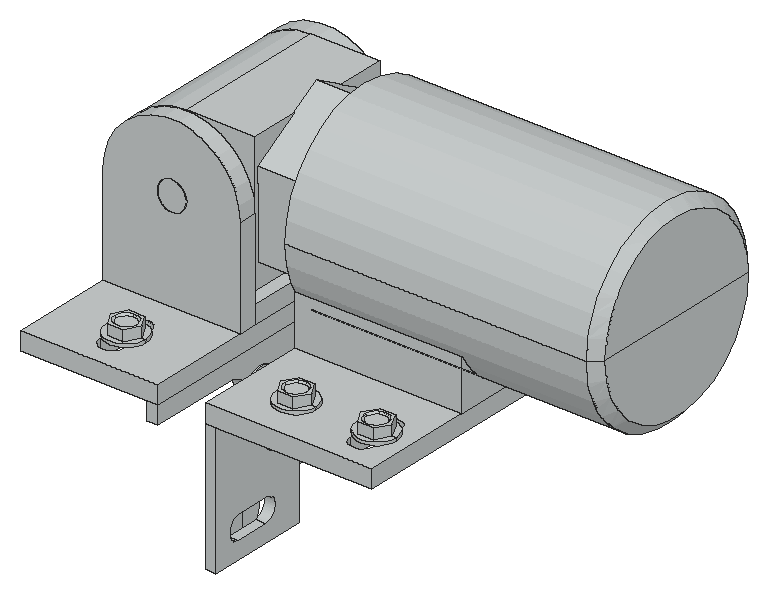
Revit family "Hinge_74108325T_SureClose-ReadyFit_DD-Technologies", category Specialty Equipment, host Face, Revit 2026
Family settings
  Host = Face
  Round Connector Dimension = Use Diameter
  Part Type = Normal
  Enable Cutting in Views = No
  Cut with Voids When Loaded = No
  Maintain Annotation Orientation = No
  Shared = No
  Room Calculation Point = No
Parameters (values of type "74108325T - SureClose® ReadyFit 108 with Safety Feature")
  Vertical Adjustment = "Yes, through fastener slots"
  URL = "https://ddtech.com/"
  Type = "Externally Mounted, Hydraulic Self-Closing Hinge-Closer"
  Specification = "https://us.ddtech.com/collections/hinge-closer/products/sureclose-readyfit-for-safety-gates"
  Self-Closing Angle (Approx.) = "88° - 0°"
  Product Webpage with product image = "https://us.ddtech.com/collections/hinge-closer/products/sureclose-readyfit-for-safety-gates"
  Product Name = "SureClose® ReadyFit 108 with Safety Feature"
  Model = "74108325T"
  Minimum Post Width = 0' - 1 31/32"
  Maximal Self-Closing Gate Weight*  (per pair of hinge) = "Up to 260 lb (120 kg) for 74108325T + 74108325T"
  Max. Opening Angle (Approx.) (Set In Range 0 - 88°) = 0.00°
  Max. Opening Angle (Approx.) (Constrained to 0 - 88 degrees) = if([Max. Opening Angle (Approx.) (Set In Range 0 - 88°)] < 0.00°, 0.00°, if([Max. Opening Angle (Approx.) (Set In Range 0 - 88°)] > 88.00°, 88.00°, [Max. Opening Angle (Approx.) (Set In Range 0 - 88°)]))  # 0.00°
  Manufacturer = "D&D Technologies"  # constant formula
  Latching Speed = "Yes (12°- 0°) And Adjustable"
  Keynote = "32 31 00 Fence & Gates"
  Horizontal Gap Adjustment (Variance) = "1/2\" - 1 3/8\" ( 12 -35mm)"
  Hold-Open = "No"
  Hinge Material = Steel Mounting Brackets (Passivated Zinc Coating), Aluminum Hinge Body
  Gate Material = Aluminum, Steel/Ornamental Iron
  Gate Hardware = "Hinge-Closers"
  Description = "Externally mounted, hydraulic self-closing hinge-closer, with safety (SF) feature, steel bracket, ADA suitable"
  Default Elevation = 0' - 0"
  Copyright = "Copyright© D&D Technologies Pty Ltd, part of ASSA ABLOY"  # constant formula
  Colors = "Black"
  Closing Speed = "Yes (88°- 0°) And Adjustable"
  Catalog Page = "https://us.ddtech.com/pages/digital-catalog"
  Assembly Code = "G2060.20 Fences and Gates"
  Accessibility = "Suitable for ADA applications"
Reference planes (in)
  plane 1 "Center (Front/Back)": y = 0
  plane 2: z = 0
  plane 3 "Center (Left/Right)": x = 0
  plane 4: z = 1.27802
  plane 5: x = -1.37992
Forms (in)
  Extrusion 1, solid, material "Steel Mounting Brackets (Passivated Zinc Coating), Aluminum Hinge Body" <- "Hinge Material"
    sketch origin (2.64444, 0, 1.27723) x (1, 0, 0) y (0, 1, 0)
      loop
        line (-2.76255, 2.16535) -> (-2.76255, -2.16535) -> (-0.95153, -2.16535) -> (-0.95153, 2.16535) -> (-2.76255, 2.16535)
      loop
        arc (-1.17692, 1.86024) -> (-1.30487, 1.98819) -> (-1.43282, 1.86024) r 0.12795
        line (-1.43282, 1.86024) -> (-1.43282, 1.48622)
        arc (-1.43282, 1.48622) -> (-1.30487, 1.35827) -> (-1.17692, 1.48622) r 0.12795
        line (-1.17692, 1.48622) -> (-1.17692, 1.86024)
      loop
        arc (-1.17692, -1.48622) -> (-1.30487, -1.35827) -> (-1.43282, -1.48622) r 0.12795
        line (-1.43282, -1.48622) -> (-1.43282, -1.86024)
        arc (-1.43282, -1.86024) -> (-1.30487, -1.98819) -> (-1.17692, -1.86024) r 0.12795
        line (-1.17692, -1.86024) -> (-1.17692, -1.48622)
      loop
        circle (-2.17097, 1.67323) r 0.12795
      loop
        circle (-2.17097, -1.67323) r 0.12795
    from -1.27723 to -1.08038
  Extrusion 2, solid, material "Steel Mounting Brackets (Passivated Zinc Coating), Aluminum Hinge Body" <- "Hinge Material"
    sketch origin (-0.63189, 0, 0.52928) x (0, 0, 1) y (0, -1, 0)
      loop
        line (-0.33243, -0.94496) -> (0.21534, -0.94496)
        arc (0.21534, -0.94496) -> (-0.33677, 0) -> (0.21534, 0.94496) r 1.08472
        line (0.21534, 0.94496) -> (-0.33243, 0.94496) -> (-0.33243, -0.94496)
    from 0.51378 to 2.3248
  Extrusion 3, solid, material "Steel Mounting Brackets (Passivated Zinc Coating), Aluminum Hinge Body" <- "Hinge Material"
    sketch origin (-0.63189, 0, 0.52928) x (0, 0, 1) y (0, -1, 0)
      loop
        line (1.68631, 0.01638) -> (1.20295, 0.82083) -> (0.26459, 0.80445) -> (-0.1904, -0.01638) -> (0.29296, -0.82083) -> (1.23132, -0.80445) -> (1.68631, 0.01638)
    from 0 to 0.51378
  Extrusion 4, solid, material "Steel Mounting Brackets (Passivated Zinc Coating), Aluminum Hinge Body" <- "Hinge Material"
    sketch origin (3.86294, 0, 1.27723) x (0, -1, 0) y (0, 0, -1)
      loop
        line (2.16535, 1.27723) -> (2.16535, 2.69455) -> (1.04338, 2.69455) -> (1.04338, 1.78657)
        arc (1.04338, 1.78657) -> (0.92807, 1.50818) -> (0.64968, 1.39287) r 0.3937
        line (0.64968, 1.39287) -> (-0.64968, 1.39287)
        arc (-0.64968, 1.39287) -> (-0.92807, 1.50818) -> (-1.04338, 1.78657) r 0.3937
        line (-1.04338, 1.78657) -> (-1.04338, 2.69455) -> (-2.16535, 2.69455) -> (-2.16535, 1.27723) -> (2.16535, 1.27723)
      loop
        line (1.48622, 2.25164) -> (1.86024, 2.25164)
        arc (1.86024, 2.25164) -> (1.98819, 2.37959) -> (1.86024, 2.50754) r 0.12795
        line (1.86024, 2.50754) -> (1.48622, 2.50754)
        arc (1.48622, 2.50754) -> (1.35827, 2.37959) -> (1.48622, 2.25164) r 0.12795
      loop
        circle (-1.37795, 1.7103) r 0.12795
      loop
        circle (1.37795, 1.7103) r 0.12795
      loop
        arc (-1.48622, 2.25164) -> (-1.35827, 2.37959) -> (-1.48622, 2.50754) r 0.12795
        line (-1.48622, 2.50754) -> (-1.86024, 2.50754)
        arc (-1.86024, 2.50754) -> (-1.98819, 2.37959) -> (-1.86024, 2.25164) r 0.12795
        line (-1.86024, 2.25164) -> (-1.48622, 2.25164)
    from -3.98105 to -3.86294
  Extrusion 5, solid, material "Steel Mounting Brackets (Passivated Zinc Coating), Aluminum Hinge Body" <- "Hinge Material"
    sketch origin (-1.37992, 0, 0) x (1, 0, 0) y (0, 0, 1)
      loop
        circle (0, 1.27723) r 0.15748
    from -1.04338 to 1.04338
  Extrusion 6, solid, material "Steel Mounting Brackets (Passivated Zinc Coating), Aluminum Hinge Body" <- "Hinge Material"
    sketch origin (-1.37992, 0, 1.27775) x (1, 0, 0) y (0, 0, 1)
      loop
        line (0.74803, -0.74795) -> (0.74803, 0.74811) -> (0, 0.74811)
        arc (0, 0.74811) -> (-0.74803, 0.00008) -> (0, -0.74795) r 0.74803
        line (0, -0.74795) -> (0.74803, -0.74795)
      loop
        circle (0, 0.00008) r 0.15748
    from -0.84653 to 0.84653
  Revolve 7, solid, material "Steel Mounting Brackets (Passivated Zinc Coating), Aluminum Hinge Body" <- "Hinge Material"
    sketch origin (-1.37992, 0, 1.27723) x (0, -1, 0) y (1, 0, 0)
      loop
        line (-1.08472, 1.26181) -> (0, 1.26181) -> (0, 4.64764) -> (-1.08472, 4.64764) -> (-1.08472, 1.26181)
      axis (0, 4.64764) -> (0, 1.26181)
    angle from 0 to 360
  Sweep 8, void
    path origin (3.26772, 2.29497, 48.00052) x (0, 1, 0) y (0, 0, 1)
      loop
        circle (-2.29497, -46.72329) r 1.08472
    profile origin (3.26772, 0, 2.36195) x (0, 0, -1) y (1, 0, 0)
      loop
        line (0.11168, 0) -> (0, 0) -> (0, -0.11168) -> (0.11168, 0)
Cuts and joins
  Sweep 8 cuts Revolve 7
Lines and regions (in)
  reference lines
    curve 1: line (1.12008, 0, 1.27802) -> (-1.37992, 0, 1.27802)
Dimensions and locks (in)
  "Max. Opening Angle (Approx.) (Constrained to 0 - 88 degrees)": angle curve 1 to plane 4
  aligned and locked: plane 2 to host face
  aligned and locked: level to host face
  aligned and locked: Extrusion 6 to Extrusion 3
Automatic sketch dimensions
  host sketch curve to host sketch curve = 0' - 0.05882"
  host sketch curve to host sketch curve = 0' - 0 19/256"
  Extrusion 1 sketch curve to plane 3 "Center (Left/Right)" = 0' - 0.11811"
  plane 3 "Center (Left/Right)" to Extrusion 1 sketch curve = 0' - 0.47347"  (x2)
  Extrusion 1 sketch curve to Extrusion 1 sketch curve = 0' - 0.73815"  (x2)
  Extrusion 1 sketch curve to Extrusion 1 sketch curve = 0' - 0.12795"  (x2)
  Extrusion 1 sketch curve to Extrusion 1 sketch curve = 0' - 0.22539"
  plane 1 "Center (Front/Back)" to Extrusion 1 sketch curve = 0' - 2.16535"
  Extrusion 1 sketch curve to Extrusion 1 sketch curve = 0' - 0.30512"
  Extrusion 1 sketch curve to Extrusion 1 sketch curve = 0' - 0.18701"  (x2)
  Extrusion 1 sketch curve to Extrusion 1 sketch curve = 0' - 0.37402"  (x2)
  Extrusion 1 sketch curve to plane 1 "Center (Front/Back)" = 0' - 1.48622"
  Extrusion 1 sketch curve to Extrusion 1 sketch curve = 0' - 0.49213"
  Extrusion 2 sketch curve to plane 1 "Center (Front/Back)" = 0' - 0"
  level to Extrusion 2 sketch curve = 0' - 0.19685"
  plane 4 to Extrusion 2 sketch curve = 0' - 0.53341"  (x2)
  plane 4 to Extrusion 2 sketch curve = 0' - 0.00079"
  Extrusion 2 sketch curve to plane 1 "Center (Front/Back)" = 0' - 0.94496"
  Extrusion 3 sketch curve to plane 1 "Center (Front/Back)" = 0' - 0.01638"
  level to Extrusion 3 sketch curve = 0' - 0.33887"
  plane 4 to Extrusion 3 sketch curve = 0' - 0.48416"
  plane 4 to Extrusion 3 sketch curve = 0' - 0.45579"
  Extrusion 3 sketch curve to plane 4 = 0' - 0.4542"
  Extrusion 3 sketch curve to plane 4 = 0' - 0.48257"
  plane 1 "Center (Front/Back)" to Extrusion 3 sketch curve = 0' - 0.01638"
  Extrusion 3 sketch curve to plane 4 = 0' - 0.93756"
  Extrusion 3 sketch curve to plane 1 "Center (Front/Back)" = 0' - 0.80445"
  Extrusion 3 sketch curve to plane 1 "Center (Front/Back)" = 0' - 0.82083"
  plane 1 "Center (Front/Back)" to Extrusion 3 sketch curve = 0' - 0.80445"
  plane 1 "Center (Front/Back)" to Extrusion 3 sketch curve = 0' - 0.82083"
  Extrusion 4 sketch curve to level = 0' - 0"
  Extrusion 4 sketch curve to plane 1 "Center (Front/Back)" = 0' - 2.16535"
  Extrusion 4 sketch curve to Extrusion 4 sketch curve = 0' - 0.30512"
  Extrusion 4 sketch curve to Extrusion 4 sketch curve = 0' - 0.37402"  (x2)
  Extrusion 4 sketch curve to Extrusion 4 sketch curve = 0' - 0.10827"
  Extrusion 4 sketch curve to Extrusion 4 sketch curve = 0' - 0.44284"  (x2)
  Extrusion 4 sketch curve to level = 0' - 0.11564"
  Extrusion 4 sketch curve to Extrusion 4 sketch curve = 0' - 0.3937"  (x2)
  plane 1 "Center (Front/Back)" to Extrusion 4 sketch curve = 0' - 0.64968"
  Extrusion 4 sketch curve to Extrusion 4 sketch curve = 0' - 0.33457"
  Extrusion 4 sketch curve to Extrusion 4 sketch curve = 0' - 0.7874"
  Extrusion 4 sketch curve to Extrusion 4 sketch curve = 0' - 0.07627"  (x2)
  Extrusion 4 sketch curve to Extrusion 4 sketch curve = 0' - 0.54134"  (x2)
  Extrusion 4 sketch curve to Extrusion 4 sketch curve = 0' - 0.12795"  (x2)
  Extrusion 4 sketch curve to Extrusion 4 sketch curve = 0' - 0.18701"  (x2)
  Extrusion 5 sketch curve to Extrusion 5 sketch curve = 0' - 0"  (x2)
  Extrusion 5 sketch curve to plane 5 = 0' - 0"
  plane 4 to Extrusion 5 sketch curve = 0' - 0.00079"
  Extrusion 5 sketch curve to Extrusion 5 sketch curve = 0' - 0.15748"
  Extrusion 6 sketch curve to Extrusion 6 sketch curve = 0' - 0"  (x2)
  Extrusion 6 sketch curve to plane 5 = 0' - 0"
  Extrusion 6 sketch curve to plane 3 "Center (Left/Right)" = 0' - 0.63189"
  level to Extrusion 6 sketch curve = 0' - 0.52979"
  plane 4 to Extrusion 6 sketch curve = 0' - 0.0002"
  plane 1 "Center (Front/Back)" to Revolve 7 sketch curve = 0' - 0"  (x2)
  Revolve 7 sketch curve to Revolve 7 sketch curve = 0' - 1.08472"
  Revolve 7 sketch curve to plane 3 "Center (Left/Right)" = 0' - 0.11811"
  plane 3 "Center (Left/Right)" to Revolve 7 sketch curve = 0' - 3.26772"
  Revolve 7 sketch curve to Revolve 7 sketch curve = 0' - 1.23777"
  Revolve 7 sketch curve to Revolve 7 sketch curve = 0' - 0.88723"
  Sweep 8 sketch curve to plane 1 "Center (Front/Back)" = 0' - 0"
  plane 4 to Sweep 8 sketch curve = 0' - 0.00079"
  Sweep 8 sketch curve to profile plane = 0' - 0"  (x2)
  Sweep 8 sketch curve to profile plane = 0' - 0.11168"
  Sweep 8 sketch curve to Sweep 8 sketch curve = 0' - 0.11168"
  curve 1 to plane 4 = 0' - 0"
  curve 1 to plane 5 = 0' - 0"
  radius of Extrusion 1 sketch curve = 0' - 0.12795"  (x2)
  radius of Extrusion 4 sketch curve = 0' - 0.12795"  (x2)
  radius of Extrusion 6 sketch curve = 0' - 0.15748"
  radius of Sweep 8 sketch curve = 0' - 1.08472"
Nested families (in)
  nested 1: "Screw" at (0.47347, -1.67155, 0.19685), type "Screw"
  nested 2: "Screw" at (0.47347, 1.6749, 0.19685), type "Screw"
  nested 3: "Screw" at (1.33957, -1.66386, 0.19685), type "Screw"
  nested 4: "Screw" at (1.33957, 1.69336, 0.19685), type "Screw"
  nested 5: "Screw" at (-0.11811, -1.37377, -0.43307) x (0, 0, 1) z (-1, 0, 0), type "Screw"
  nested 6: "Screw" at (-0.11811, 1.38214, -0.43307) x (0, 0, 1) z (-1, 0, 0), type "Screw"
  nested 7: "Screw" at (-0.11811, 1.67741, -1.10473) x (0, 0, 1) z (-1, 0, 0), type "Screw"
  nested 8: "Screw" at (-0.11811, -1.65878, -1.10473) x (0, 0, 1) z (-1, 0, 0), type "Screw"
  nested 9: "Hinge_74108315T_SureClose-ReadyFit_DD-Technologies" at (-1.37992, 0, 1.27802), type "74108315T - SureClose® ReadyFit 108"
Definition of nested family "Screw"
  Parameters (values of type "Screw")
    Finish = none
    Default Elevation = 4' - 0"
  Reference planes (in)
    plane 1 "Center (Front/Back)": y = 0
    plane 2: z = 0
    plane 3 "Center (Left/Right)": x = 0
  Forms (in)
    Revolve 1, solid, material <- "Finish"
      sketch origin (0, 0, 0) x (1, 0, 0) y (0, 0, 1)
        loop
          line (0, 0) -> (0, 0.03253) -> (-0.21502, 0.03253) -> (-0.21502, 0) -> (0, 0)
        axis (0, 0.03253) -> (0, -0.00684)
      angle from 0 to 360
    Extrusion 2, solid, material <- "Finish"
      sketch origin (0, 0, 0) x (1, 0, 0) y (0, 1, 0)
        loop
          line (0.17127, 0) -> (0.08563, 0.14832) -> (-0.08563, 0.14832) -> (-0.17127, 0) -> (-0.08563, -0.14832) -> (0.08563, -0.14832) -> (0.17127, 0)
      from 0.03253 to 0.14504
    Blend 3, void
      base sketch origin (0, 0, 0) x (1, 0, 0) y (0, 1, 0)
        loop
          circle (0, 0) r 0.10827
      top sketch origin (0, 0, 0) x (1, 0, 0) y (0, 1, 0)
        loop
          circle (0, 0) r 0.13455
      from 0.12904 to 0.15532
  Cuts and joins
    Blend 3 cuts Extrusion 2
    joined: Revolve 1, Extrusion 2
  Dimensions and locks (in)
    aligned and locked: plane 2 to level
    aligned and locked: Revolve 1 sketch curve to plane 3 "Center (Left/Right)"
    aligned and locked: Revolve 1 sketch curve to Revolve 1 sketch curve
    aligned and locked: Revolve 1 sketch curve to plane 2
    aligned and locked: cut or joined group of Revolve 1, Extrusion 2, Blend 3 to cut or joined group of Revolve 1, Extrusion 2, Blend 3
Definition of nested family "Hinge_74108315T_SureClose-ReadyFit_DD-Technologies"
  Parameters (values of type "74108315T - SureClose® ReadyFit 108")
    Vertical Adjustment = "Yes, through fastener slots"
    URL = "https://ddtech.com/"
    Type Comments = ""
    Type = "Externally Mounted, Hydraulic Self-Closing Hinge-Closer"
    Specification = "https://us.ddtech.com/collections/hinge-closer/products/sureclose-readyfit-hinge-closer"
    Max. Opening Angle  (Approx.) (Constrained to 0 - 178°) = if([Max. Opening Angle  (Approx.) (Set In Range 0-178°)] < 0.00°, 0.00°, if([Max. Opening Angle  (Approx.) (Set In Range 0-178°)] > 178.00°, 178.00°, [Max. Opening Angle  (Approx.) (Set In Range 0-178°)]))  # 0.00°
    Self-Closing Angle (Approx.) = "83° - 0°"
    Max. Opening Angle  (Approx.) (Set In Range 0-178°) = 0.00°
    Product Webpage with product image = "https://us.ddtech.com/collections/hinge-closer/products/sureclose-readyfit-hinge-closer"
    Product Name = "SureClose® ReadyFit 108"
    Model = "74108315T"
    Manufacturer = "D&D Technologies"  # constant formula
    Latching Speed = "Yes (12°- 0°) And Adjustable"
    Keynote = "32 31 00 Fence & Gates"
    Horizontal Gap Adjustment (Variance) = "1/2\" - 1 3/8\" ( 12 -35mm)"
    Hold-Open = "Yes (178°- 84°)"
    Gate Material = none
    Description = "Externally mounted, hydraulic self-closing hinge-closer, with hold-open, steel bracket, ADA suitable"
    Minimum Post Width = 0' - 1.9685"
    Maximal Self-Closing Gate Weight*  (per pair of hinge) = "Up to 260 lb (120 kg) for 74108315T + 74108315T"
    Copyright = "© Copyright D&D Group Pty Ltd"  # constant formula
    Colors = "Black"
    Closing Speed = "Yes (83°- 0°) And Adjustable"
    Catalog Page = "https://us.ddtech.com/pages/digital-catalog"
    Hinge Material = none
    Default Elevation = 0' - 0"
    Assembly Code = "G2060.20 Fences and Gates"
    Accessibility = "Suitable for ADA applications"
  Reference planes (in)
    plane 1 "Center (Front/Back)": y = 0
    plane 2: z = 0
    plane 3 "Center (Left/Right)": x = 0
    plane 4: x = -0.74803
    plane 5: x = 0.74803
    plane 6: y = 1.04338
    plane 7: y = 0.84653
    plane 8: y = 0.94496
    plane 9: y = -1.04338
    plane 10: y = -0.84653
    plane 11: y = -0.94496
    plane 12: x = 0.62992
    plane 13: x = 1.10236
  Forms (in)
    Extrusion 1, solid, not visible
      sketch origin (0, 0, 0) x (1, 0, 0) y (0, 1, 0)
        loop
          line (0.64702, -1.54367) -> (0.64702, -1.8734) -> (0.73054, -1.8734) -> (0.73054, -1.54367) -> (0.64702, -1.54367)
      from 0 to -0.11564
    Extrusion 2, solid, material <- "Hinge Material"
      sketch origin (0, 0, -1.27723) x (1, 0, 0) y (0, 1, 0)
        loop
          line (-0.74803, 2.16535) -> (-0.74803, -2.16535) -> (0.74803, -2.16535) -> (0.74803, 2.16535) -> (-0.74803, 2.16535)
        loop
          arc (-0.12795, 1.48622) -> (0, 1.35827) -> (0.12795, 1.48622) r 0.12795
          line (0.12795, 1.48622) -> (0.12795, 1.86024)
          arc (0.12795, 1.86024) -> (0, 1.98819) -> (-0.12795, 1.86024) r 0.12795
          line (-0.12795, 1.86024) -> (-0.12795, 1.48622)
        loop
          line (-0.12795, -1.48622) -> (-0.12795, -1.86024)
          arc (-0.12795, -1.86024) -> (0, -1.98819) -> (0.12795, -1.86024) r 0.12795
          line (0.12795, -1.86024) -> (0.12795, -1.48622)
          arc (0.12795, -1.48622) -> (0, -1.35827) -> (-0.12795, -1.48622) r 0.12795
      from 0 to 0.19685
    Extrusion 3, solid, material <- "Hinge Material"
      sketch origin (0, 0, -1.27723) x (1, 0, 0) y (0, 0, 1)
        loop
          line (-0.74803, 0.19685) -> (0.74803, 0.19685) -> (0.74803, 1.27723)
          arc (0.74803, 1.27723) -> (0, 2.02526) -> (-0.74803, 1.27723) r 0.74803
          line (-0.74803, 1.27723) -> (-0.74803, 0.19685)
        loop
          circle (0, 1.27723) r 0.15748
      from -1.04338 to -0.84653
    Extrusion 4, solid, material <- "Hinge Material"
      sketch origin (0, 0, -1.27723) x (1, 0, 0) y (0, 0, -1)
        loop
          line (-0.74803, -0.19685) -> (-0.74803, -1.27723)
          arc (-0.74803, -1.27723) -> (0, -2.02526) -> (0.74803, -1.27723) r 0.74803
          line (0.74803, -1.27723) -> (0.74803, -0.19685) -> (-0.74803, -0.19685)
        loop
          circle (0, -1.27723) r 0.15748
      from -1.04338 to -0.84653
    Extrusion 5, solid, material <- "Hinge Material"
      sketch origin (0, 0, -1.27723) x (0, 1, 0) y (0, 0, 1)
        loop
          line (0.84653, 0.19685) -> (0.84653, 0.3937) -> (-0.84653, 0.3937) -> (-0.84653, 0.19685) -> (0.84653, 0.19685)
      from -0.74803 to 0.74803
    Extrusion 6, solid, material <- "Hinge Material"
      sketch origin (0.74803, 4.78834, 46.72277) x (0, 1, 0) y (0, 0, 1)
        loop
          circle (-4.00094, -48.43307) r 0.12795
        loop
          circle (-5.57574, -48.43307) r 0.12795
        loop
          circle (-4.00094, -49.10236) r 0.12795
        loop
          circle (-5.57574, -49.10236) r 0.12795
        loop
          line (-5.77259, -49.41732) -> (-3.80409, -49.41732) -> (-3.80409, -48.3937)
          arc (-3.80409, -48.3937) -> (-3.74643, -48.25451) -> (-3.60724, -48.19685) r 0.19685
          line (-3.60724, -48.19685) -> (-2.62299, -48.19685) -> (-2.62299, -48) -> (-6.95369, -48) -> (-6.95369, -48.19685) -> (-5.96944, -48.19685)
          arc (-5.96944, -48.19685) -> (-5.83025, -48.25451) -> (-5.77259, -48.3937) r 0.19685
          line (-5.77259, -48.3937) -> (-5.77259, -49.41732)
      from -0.11811 to 0
  Dimensions and locks (in)
    equal spacing: plane 4, plane 3 "Center (Left/Right)", plane 5
    plane 4 to plane 5 = 0' - 1.49606"
    locked: plane 8 to plane 6 at 0.09843
    locked: plane 7 to plane 8 at 0.09843
    locked: plane 11 to plane 9 at 0.09843
    locked: plane 10 to plane 11 at 0.09843
    equal spacing: plane 11, plane 1 "Center (Front/Back)", plane 8
    plane 11 to plane 8 = 0' - 1.88992"
    plane 12 to plane 13 = 0' - 0.47244"
    aligned and locked: plane 2 to Extrusion 1
    aligned and locked: level to Extrusion 1
  Automatic sketch dimensions
    Extrusion 1 sketch curve to Extrusion 1 sketch curve = 0' - 0.08351"
    Extrusion 1 sketch curve to Extrusion 1 sketch curve = 0' - 0.32973"
    Extrusion 2 sketch curve to plane 4 = 0' - 0"
    Extrusion 2 sketch curve to plane 3 "Center (Left/Right)" = 0' - 0"  (x2)
    Extrusion 2 sketch curve to plane 5 = 0' - 0"
    Extrusion 2 sketch curve to plane 3 "Center (Left/Right)" = 0' - 0.12795"  (x2)
    Extrusion 2 sketch curve to plane 9 = 0' - 1.12197"
    Extrusion 2 sketch curve to Extrusion 2 sketch curve = 0' - 0.30512"  (x2)
    Extrusion 2 sketch curve to Extrusion 2 sketch curve = 0' - 0.37402"  (x2)
    Extrusion 2 sketch curve to plane 6 = 0' - 0.44284"
    Extrusion 3 sketch curve to Extrusion 3 sketch curve = 0' - 0"  (x2)
    Extrusion 3 sketch curve to plane 4 = 0' - 0"
    Extrusion 3 sketch curve to level = 0' - 0"
    Extrusion 3 sketch curve to plane 3 "Center (Left/Right)" = 0' - 0"
    Extrusion 3 sketch curve to Extrusion 3 sketch curve = 0' - 1.08038"
    Extrusion 4 sketch curve to Extrusion 4 sketch curve = 0' - 0"  (x2)
    Extrusion 4 sketch curve to plane 4 = 0' - 0"
    Extrusion 4 sketch curve to level = 0' - 0"
    Extrusion 4 sketch curve to plane 3 "Center (Left/Right)" = 0' - 0"
    Extrusion 4 sketch curve to Extrusion 4 sketch curve = 0' - 1.08038"
    Extrusion 5 sketch curve to plane 10 = 0' - 0"
    Extrusion 5 sketch curve to plane 7 = 0' - 0"
    Extrusion 5 sketch curve to level = 0' - 1.08038"
    Extrusion 5 sketch curve to Extrusion 5 sketch curve = 0' - 0.19685"
    Extrusion 6 sketch curve to plane 9 = 0' - 1.12197"
    Extrusion 6 sketch curve to plane 9 = 0' - 0.13772"
    Extrusion 6 sketch curve to plane 11 = 0' - 0.03929"
    plane 10 to Extrusion 6 sketch curve = 0' - 0.05913"  (x2)
    plane 7 to Extrusion 6 sketch curve = 0' - 0.05913"  (x2)
    Extrusion 6 sketch curve to plane 8 = 0' - 0.03929"
    Extrusion 6 sketch curve to plane 6 = 0' - 0.13772"
    Extrusion 6 sketch curve to Extrusion 6 sketch curve = 0' - 0.98425"
    Extrusion 6 sketch curve to level = 0' - 2.69455"
    Extrusion 6 sketch curve to Extrusion 6 sketch curve = 0' - 0.31496"  (x2)
    Extrusion 6 sketch curve to Extrusion 6 sketch curve = 0' - 0.66929"  (x2)
    Extrusion 6 sketch curve to Extrusion 6 sketch curve = 0' - 0.03937"  (x2)
    Extrusion 6 sketch curve to Extrusion 6 sketch curve = 0' - 0.19685"
    radius of Extrusion 3 sketch curve = 0' - 0.15748"
    radius of Extrusion 4 sketch curve = 0' - 0.15748"
    radius of Extrusion 6 sketch curve = 0' - 0.12795"  (x4)
  Nested families (in)
    nested 1: "Screw" at (0, -1.66386, -1.08038), type "Screw"
    nested 2: "Screw" at (0, 1.69336, -1.08038), type "Screw"
    nested 3: "Screw" at (0.74803, -0.78792, -2.38053) x (0, 1, 0) z (1, 0, 0), type "Screw"
    nested 4: "Screw" at (0.74803, 0.78942, -2.38053) x (0, 1, 0) z (1, 0, 0), type "Screw"
    nested 5: "Screw" at (0.74803, 0.78942, -1.70845) x (0, 1, 0) z (1, 0, 0), type "Screw"
    nested 6: "Screw" at (0.74803, -0.78846, -1.70845) x (0, 1, 0) z (1, 0, 0), type "Screw"
  Definition of nested family "Screw"
    Parameters (values of type "Screw")
      Finish = none
      Default Elevation = 4' - 0"
    Reference planes (in)
      plane 1 "Center (Front/Back)": y = 0
      plane 2: z = 0
      plane 3 "Center (Left/Right)": x = 0
    Forms (in)
      Revolve 1, solid, material <- "Finish"
        sketch origin (0, 0, 0) x (1, 0, 0) y (0, 0, 1)
          loop
            line (0, 0) -> (0, 0.03253) -> (-0.21502, 0.03253) -> (-0.21502, 0) -> (0, 0)
          axis (0, 0.03253) -> (0, -0.00684)
        angle from 0 to 360
      Extrusion 2, solid, material <- "Finish"
        sketch origin (0, 0, 0) x (1, 0, 0) y (0, 1, 0)
          loop
            line (0.17127, 0) -> (0.08563, 0.14832) -> (-0.08563, 0.14832) -> (-0.17127, 0) -> (-0.08563, -0.14832) -> (0.08563, -0.14832) -> (0.17127, 0)
        from 0.03253 to 0.14504
      Blend 3, void
        base sketch origin (0, 0, 0) x (1, 0, 0) y (0, 1, 0)
          loop
            circle (0, 0) r 0.10827
        top sketch origin (0, 0, 0) x (1, 0, 0) y (0, 1, 0)
          loop
            circle (0, 0) r 0.13455
        from 0.12904 to 0.15532
    Cuts and joins
      Blend 3 cuts Extrusion 2
      joined: Revolve 1, Extrusion 2
    Dimensions and locks (in)
      aligned and locked: plane 2 to level
      aligned and locked: Revolve 1 sketch curve to plane 3 "Center (Left/Right)"
      aligned and locked: Revolve 1 sketch curve to Revolve 1 sketch curve
      aligned and locked: Revolve 1 sketch curve to plane 2
      aligned and locked: cut or joined group of Revolve 1, Extrusion 2, Blend 3 to cut or joined group of Revolve 1, Extrusion 2, Blend 3
